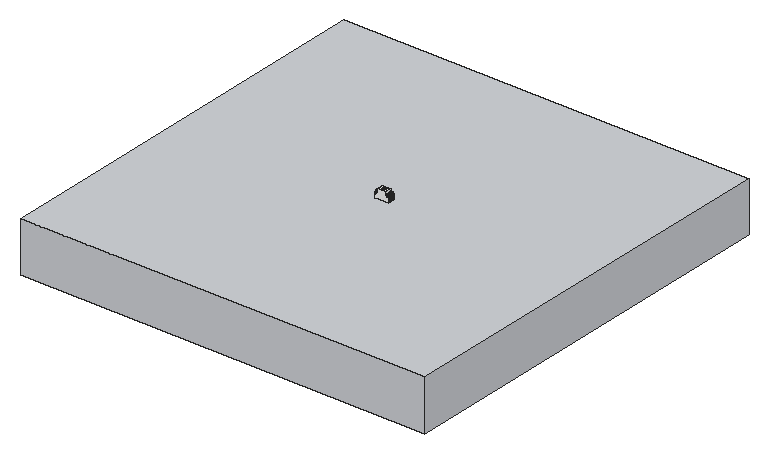
Revit family "Gira_128900", category Elektroinstallationen, Revit 2017
Family settings
  Basisbauteil = Fläche
  Beschriftungsausrichtung beibehalten = Nein
  Bemaßung runder Anschluss = Durchmesser verwenden
  Teiletyp = Normal
  Beim Laden mit Abzugskörper schneiden = Nein
  Gemeinsam genutzt = Nein
  Raumberechnungspunkt = Nein
Parameters
  Default Elevation = 1219.2 mm
  URL = "https://www.gira.de/"
  Typname = "TKS-Schaltaktor REG Türko"
  Produktseite = "http://katalog.gira.de/de_DE/datenblatt.html?artikelnr=128900"
  Installationstechnik = "Bus-System"
  Hersteller = "Gira"
  HAN = "128900"
  GTIN = "4010337289005"
  Funktion = "schalten"
  Datenblatt = "https://katalog.gira.de/de_DE/download.html?artikelnr=128900"
  Beschreibung = "Türkommunikations-Schaltaktor  REG Merkmale: - Schaltaktor zum Schalten von Licht, Ansteuern eines Türöffners an Nebentüren oder anderen Funktionen über den Gira Türkommunikations-Bus. - Ansteuerung eines potenzialfreien Schaltkontakts 230 V   10 A über den 2-Draht-Bus. - Der Schaltaktor ist ansteuerbar über:   die Tasten Tür\" und \"Licht\" an der Wohnungsstation,   die Ruftaste an der Türstation,   die Ruftaste an der Wohnungsstation,   die Tasten eines Telefons (in Verbindung mit TKS-TK-Gateway). - Der Schaltaktor lässt sich in fünf verschiedenen Betriebsarten betreiben: Schalten, Timer s, Timer min, Impuls und Türöffner. - Impulsfunktion zur Ansteuerung vorhandener Treppenhausautomaten. - Binäreingang zum Schalten von Funktionen über einen angeschlossenen mechanischen Taster. - Schaltzeit abhängig von der eingestellten Funktion stufenlos einstellbar von 1 bis 10 s bzw. 1 bis 10 min.  Hinweise : - Der Schaltaktor ist für den Einbau in die Unterverteilung vorgesehen. Ist dies nicht möglich, handelsüblichen Aufputzverteiler verwenden. - Mit dieser Komponente ist der Aufbau von Türkommunikationsanlagen mit mehr als 30 Teilnehmern möglich.\""
  BIM = "https://media.stage.bim.site/public/gira/876eb45/REG%202f.rfa?public/gira/876eb45/REG 2f.rfa"
Reference planes
  plane 1 "Center (Front/Back)": y = 0
  plane 2: z = 0
  plane 3 "Center (Left/Right)": x = 0
Forms (mm)
  Extrusion 1, solid
    sketch origin (0, 0, 0) x (1, 0, 0) y (0, 1, 0)
      loop
        line (-1219.2, 1219.2) -> (-1219.2, -1219.2) -> (1219.2, -1219.2) -> (1219.2, 1219.2) -> (-1219.2, 1219.2)
    from 0 to -304.8
  Extrusion 2, solid, material "White", detail levels fine
    sketch origin (0, 0.085, 0) x (1, 0, 0) y (0, 0, 1)
      loop
        line (40.325, 0) -> (42.075, 1.75) -> (43.075, 1.75) -> (43.005, 15.155) -> (42, 15.736) -> (41.767, 25.973)
        spline (41.767, 25.973) -> (41.756, 26.101) -> (41.729, 26.227) -> (41.685, 26.348) -> (41.626, 26.463) -> (41.553, 26.569) -> (41.467, 26.665) -> (41.369, 26.749) -> (41.261, 26.82) -> (41.145, 26.876) -> (41.023, 26.917) -> (40.896, 26.942) -> (40.768, 26.95)
        line (40.768, 26.95) -> (32.182, 26.95) -> (32.182, 29.944) -> (31.157, 30.536) -> (30.925, 40.773)
        spline (30.925, 40.773) -> (30.913, 40.901) -> (30.886, 41.027) -> (30.842, 41.148) -> (30.783, 41.263) -> (30.71, 41.369) -> (30.624, 41.465) -> (30.526, 41.549) -> (30.418, 41.62) -> (30.302, 41.676) -> (30.18, 41.717) -> (30.053, 41.742) -> (29.925, 41.75)
        line (29.925, 41.75) -> (22.4, 41.75) -> (22.351, 51.105)
        arc (22.351, 51.105) -> (22.056, 51.809) -> (21.351, 52.1) r 1
        line (21.351, 52.1) -> (-21.351, 52.1)
        arc (-21.351, 52.1) -> (-22.056, 51.809) -> (-22.351, 51.105) r 1
        line (-22.351, 51.105) -> (-22.4, 41.75) -> (-29.925, 41.75)
        spline (-29.925, 41.75) -> (-30.053, 41.742) -> (-30.18, 41.717) -> (-30.302, 41.676) -> (-30.418, 41.62) -> (-30.526, 41.549) -> (-30.624, 41.465) -> (-30.71, 41.369) -> (-30.783, 41.263) -> (-30.842, 41.148) -> (-30.886, 41.027) -> (-30.913, 40.901) -> (-30.925, 40.773)
        line (-30.925, 40.773) -> (-31.157, 30.536) -> (-32.182, 29.944) -> (-32.182, 26.95) -> (-40.768, 26.95)
        spline (-40.768, 26.95) -> (-40.896, 26.942) -> (-41.023, 26.917) -> (-41.145, 26.876) -> (-41.261, 26.82) -> (-41.369, 26.749) -> (-41.467, 26.665) -> (-41.553, 26.569) -> (-41.626, 26.463) -> (-41.685, 26.348) -> (-41.729, 26.227) -> (-41.756, 26.101) -> (-41.767, 25.973)
        line (-41.767, 25.973) -> (-42, 15.736) -> (-43.005, 15.155) -> (-43.075, 1.75) -> (-42.075, 1.75) -> (-40.325, 0) -> (40.325, 0)
    from -17.83 to 18
  Extrusion 3, solid, material "White", detail levels fine
    sketch origin (0, 0.085, 0) x (1, 0, 0) y (0, 0, 1)
      loop
        arc (-44.59, 27.35) -> (-44.84, 26.747) -> (-44.925, 26.1) r 2.5
        line (-44.925, 26.1) -> (-44.925, 12.6) -> (-43.028, 10.805) -> (-43.005, 15.155) -> (-42, 15.736) -> (-41.767, 25.973)
        spline (-41.767, 25.973) -> (-41.756, 26.101) -> (-41.729, 26.227) -> (-41.685, 26.348) -> (-41.626, 26.463) -> (-41.553, 26.569) -> (-41.467, 26.665) -> (-41.369, 26.749) -> (-41.261, 26.82) -> (-41.145, 26.876) -> (-41.023, 26.917) -> (-40.896, 26.942) -> (-40.768, 26.95)
        line (-40.768, 26.95) -> (-32.182, 26.95) -> (-32.182, 29.944) -> (-31.157, 30.536) -> (-30.925, 40.773)
        spline (-30.925, 40.773) -> (-30.913, 40.901) -> (-30.886, 41.027) -> (-30.842, 41.148) -> (-30.783, 41.263) -> (-30.71, 41.369) -> (-30.624, 41.465) -> (-30.526, 41.549) -> (-30.418, 41.62) -> (-30.302, 41.676) -> (-30.18, 41.717) -> (-30.053, 41.742) -> (-29.925, 41.75)
        line (-29.925, 41.75) -> (-34.833, 41.75)
        arc (-34.833, 41.75) -> (-36.083, 41.415) -> (-36.998, 40.5) r 2.5
        line (-36.998, 40.5) -> (-44.59, 27.35)
      loop
        line (44.59, 27.35) -> (36.998, 40.5)
        arc (36.998, 40.5) -> (36.083, 41.415) -> (34.833, 41.75) r 2.5
        line (34.833, 41.75) -> (29.925, 41.75)
        spline (29.925, 41.75) -> (30.053, 41.742) -> (30.18, 41.717) -> (30.302, 41.676) -> (30.418, 41.62) -> (30.526, 41.549) -> (30.624, 41.465) -> (30.71, 41.369) -> (30.783, 41.263) -> (30.842, 41.148) -> (30.886, 41.027) -> (30.913, 40.901) -> (30.925, 40.773)
        line (30.925, 40.773) -> (31.157, 30.536) -> (32.182, 29.944) -> (32.182, 26.95) -> (40.768, 26.95)
        spline (40.768, 26.95) -> (40.896, 26.942) -> (41.023, 26.917) -> (41.145, 26.876) -> (41.261, 26.82) -> (41.369, 26.749) -> (41.467, 26.665) -> (41.553, 26.569) -> (41.626, 26.463) -> (41.685, 26.348) -> (41.729, 26.227) -> (41.756, 26.101) -> (41.767, 25.973)
        line (41.767, 25.973) -> (42, 15.736) -> (43.005, 15.155) -> (43.028, 10.805) -> (44.925, 12.6) -> (44.925, 26.1)
        arc (44.925, 26.1) -> (44.84, 26.747) -> (44.59, 27.35) r 2.5
    from 16.446 to 18
  Extrusion 4, solid, material "White", detail levels fine
    sketch origin (0, 8.585, 0) x (1, 0, 0) y (0, 0, 1)
      loop
        arc (-44.59, 27.35) -> (-44.84, 26.747) -> (-44.925, 26.1) r 2.5
        line (-44.925, 26.1) -> (-44.925, 12.6) -> (-43.028, 10.805) -> (-43.005, 15.155) -> (-42, 15.736) -> (-41.767, 25.973)
        spline (-41.767, 25.973) -> (-41.756, 26.101) -> (-41.729, 26.227) -> (-41.685, 26.348) -> (-41.626, 26.463) -> (-41.553, 26.569) -> (-41.467, 26.665) -> (-41.369, 26.749) -> (-41.261, 26.82) -> (-41.145, 26.876) -> (-41.023, 26.917) -> (-40.896, 26.942) -> (-40.768, 26.95)
        line (-40.768, 26.95) -> (-32.182, 26.95) -> (-32.182, 29.944) -> (-31.157, 30.536) -> (-30.925, 40.773)
        spline (-30.925, 40.773) -> (-30.913, 40.901) -> (-30.886, 41.027) -> (-30.842, 41.148) -> (-30.783, 41.263) -> (-30.71, 41.369) -> (-30.624, 41.465) -> (-30.526, 41.549) -> (-30.418, 41.62) -> (-30.302, 41.676) -> (-30.18, 41.717) -> (-30.053, 41.742) -> (-29.925, 41.75)
        line (-29.925, 41.75) -> (-34.833, 41.75)
        arc (-34.833, 41.75) -> (-36.083, 41.415) -> (-36.998, 40.5) r 2.5
        line (-36.998, 40.5) -> (-44.59, 27.35)
      loop
        line (44.59, 27.35) -> (36.998, 40.5)
        arc (36.998, 40.5) -> (36.083, 41.415) -> (34.833, 41.75) r 2.5
        line (34.833, 41.75) -> (29.925, 41.75)
        spline (29.925, 41.75) -> (30.053, 41.742) -> (30.18, 41.717) -> (30.302, 41.676) -> (30.418, 41.62) -> (30.526, 41.549) -> (30.624, 41.465) -> (30.71, 41.369) -> (30.783, 41.263) -> (30.842, 41.148) -> (30.886, 41.027) -> (30.913, 40.901) -> (30.925, 40.773)
        line (30.925, 40.773) -> (31.157, 30.536) -> (32.182, 29.944) -> (32.182, 26.95) -> (40.768, 26.95)
        spline (40.768, 26.95) -> (40.896, 26.942) -> (41.023, 26.917) -> (41.145, 26.876) -> (41.261, 26.82) -> (41.369, 26.749) -> (41.467, 26.665) -> (41.553, 26.569) -> (41.626, 26.463) -> (41.685, 26.348) -> (41.729, 26.227) -> (41.756, 26.101) -> (41.767, 25.973)
        line (41.767, 25.973) -> (42, 15.736) -> (43.005, 15.155) -> (43.028, 10.805) -> (44.925, 12.6) -> (44.925, 26.1)
        arc (44.925, 26.1) -> (44.84, 26.747) -> (44.59, 27.35) r 2.5
    from 16.49 to 17.724
  Extrusion 5, solid, material "White", detail levels fine
    sketch origin (0, 17.107, 0) x (1, 0, 0) y (0, 0, 1)
      loop
        arc (-44.59, 27.35) -> (-44.84, 26.747) -> (-44.925, 26.1) r 2.5
        line (-44.925, 26.1) -> (-44.925, 12.6) -> (-43.028, 10.805) -> (-43.005, 15.155) -> (-42, 15.736) -> (-41.767, 25.973)
        spline (-41.767, 25.973) -> (-41.756, 26.101) -> (-41.729, 26.227) -> (-41.685, 26.348) -> (-41.626, 26.463) -> (-41.553, 26.569) -> (-41.467, 26.665) -> (-41.369, 26.749) -> (-41.261, 26.82) -> (-41.145, 26.876) -> (-41.023, 26.917) -> (-40.896, 26.942) -> (-40.768, 26.95)
        line (-40.768, 26.95) -> (-32.182, 26.95) -> (-32.182, 29.944) -> (-31.157, 30.536) -> (-30.925, 40.773)
        spline (-30.925, 40.773) -> (-30.913, 40.901) -> (-30.886, 41.027) -> (-30.842, 41.148) -> (-30.783, 41.263) -> (-30.71, 41.369) -> (-30.624, 41.465) -> (-30.526, 41.549) -> (-30.418, 41.62) -> (-30.302, 41.676) -> (-30.18, 41.717) -> (-30.053, 41.742) -> (-29.925, 41.75)
        line (-29.925, 41.75) -> (-34.833, 41.75)
        arc (-34.833, 41.75) -> (-36.083, 41.415) -> (-36.998, 40.5) r 2.5
        line (-36.998, 40.5) -> (-44.59, 27.35)
      loop
        line (44.59, 27.35) -> (36.998, 40.5)
        arc (36.998, 40.5) -> (36.083, 41.415) -> (34.833, 41.75) r 2.5
        line (34.833, 41.75) -> (29.925, 41.75)
        spline (29.925, 41.75) -> (30.053, 41.742) -> (30.18, 41.717) -> (30.302, 41.676) -> (30.418, 41.62) -> (30.526, 41.549) -> (30.624, 41.465) -> (30.71, 41.369) -> (30.783, 41.263) -> (30.842, 41.148) -> (30.886, 41.027) -> (30.913, 40.901) -> (30.925, 40.773)
        line (30.925, 40.773) -> (31.157, 30.536) -> (32.182, 29.944) -> (32.182, 26.95) -> (40.768, 26.95)
        spline (40.768, 26.95) -> (40.896, 26.942) -> (41.023, 26.917) -> (41.145, 26.876) -> (41.261, 26.82) -> (41.369, 26.749) -> (41.467, 26.665) -> (41.553, 26.569) -> (41.626, 26.463) -> (41.685, 26.348) -> (41.729, 26.227) -> (41.756, 26.101) -> (41.767, 25.973)
        line (41.767, 25.973) -> (42, 15.736) -> (43.005, 15.155) -> (43.028, 10.805) -> (44.925, 12.6) -> (44.925, 26.1)
        arc (44.925, 26.1) -> (44.84, 26.747) -> (44.59, 27.35) r 2.5
    from 16.49 to 17.724
  Extrusion 6, solid, material "White", detail levels fine
    sketch origin (0, 25.607, 0) x (1, 0, 0) y (0, 0, 1)
      loop
        arc (-44.59, 27.35) -> (-44.84, 26.747) -> (-44.925, 26.1) r 2.5
        line (-44.925, 26.1) -> (-44.925, 12.6) -> (-43.028, 10.805) -> (-43.005, 15.155) -> (-42, 15.736) -> (-41.767, 25.973)
        spline (-41.767, 25.973) -> (-41.756, 26.101) -> (-41.729, 26.227) -> (-41.685, 26.348) -> (-41.626, 26.463) -> (-41.553, 26.569) -> (-41.467, 26.665) -> (-41.369, 26.749) -> (-41.261, 26.82) -> (-41.145, 26.876) -> (-41.023, 26.917) -> (-40.896, 26.942) -> (-40.768, 26.95)
        line (-40.768, 26.95) -> (-32.182, 26.95) -> (-32.182, 29.944) -> (-31.157, 30.536) -> (-30.925, 40.773)
        spline (-30.925, 40.773) -> (-30.913, 40.901) -> (-30.886, 41.027) -> (-30.842, 41.148) -> (-30.783, 41.263) -> (-30.71, 41.369) -> (-30.624, 41.465) -> (-30.526, 41.549) -> (-30.418, 41.62) -> (-30.302, 41.676) -> (-30.18, 41.717) -> (-30.053, 41.742) -> (-29.925, 41.75)
        line (-29.925, 41.75) -> (-34.833, 41.75)
        arc (-34.833, 41.75) -> (-36.083, 41.415) -> (-36.998, 40.5) r 2.5
        line (-36.998, 40.5) -> (-44.59, 27.35)
      loop
        line (44.59, 27.35) -> (36.998, 40.5)
        arc (36.998, 40.5) -> (36.083, 41.415) -> (34.833, 41.75) r 2.5
        line (34.833, 41.75) -> (29.925, 41.75)
        spline (29.925, 41.75) -> (30.053, 41.742) -> (30.18, 41.717) -> (30.302, 41.676) -> (30.418, 41.62) -> (30.526, 41.549) -> (30.624, 41.465) -> (30.71, 41.369) -> (30.783, 41.263) -> (30.842, 41.148) -> (30.886, 41.027) -> (30.913, 40.901) -> (30.925, 40.773)
        line (30.925, 40.773) -> (31.157, 30.536) -> (32.182, 29.944) -> (32.182, 26.95) -> (40.768, 26.95)
        spline (40.768, 26.95) -> (40.896, 26.942) -> (41.023, 26.917) -> (41.145, 26.876) -> (41.261, 26.82) -> (41.369, 26.749) -> (41.467, 26.665) -> (41.553, 26.569) -> (41.626, 26.463) -> (41.685, 26.348) -> (41.729, 26.227) -> (41.756, 26.101) -> (41.767, 25.973)
        line (41.767, 25.973) -> (42, 15.736) -> (43.005, 15.155) -> (43.028, 10.805) -> (44.925, 12.6) -> (44.925, 26.1)
        arc (44.925, 26.1) -> (44.84, 26.747) -> (44.59, 27.35) r 2.5
    from 16.49 to 17.724
  Extrusion 7, solid, material "White", detail levels fine
    sketch origin (0, 34.11, 0) x (1, 0, 0) y (0, 0, 1)
      loop
        arc (-44.59, 27.35) -> (-44.84, 26.747) -> (-44.925, 26.1) r 2.5
        line (-44.925, 26.1) -> (-44.925, 12.6) -> (-43.028, 10.805) -> (-43.005, 15.155) -> (-42, 15.736) -> (-41.767, 25.973)
        spline (-41.767, 25.973) -> (-41.756, 26.101) -> (-41.729, 26.227) -> (-41.685, 26.348) -> (-41.626, 26.463) -> (-41.553, 26.569) -> (-41.467, 26.665) -> (-41.369, 26.749) -> (-41.261, 26.82) -> (-41.145, 26.876) -> (-41.023, 26.917) -> (-40.896, 26.942) -> (-40.768, 26.95)
        line (-40.768, 26.95) -> (-32.182, 26.95) -> (-32.182, 29.944) -> (-31.157, 30.536) -> (-30.925, 40.773)
        spline (-30.925, 40.773) -> (-30.913, 40.901) -> (-30.886, 41.027) -> (-30.842, 41.148) -> (-30.783, 41.263) -> (-30.71, 41.369) -> (-30.624, 41.465) -> (-30.526, 41.549) -> (-30.418, 41.62) -> (-30.302, 41.676) -> (-30.18, 41.717) -> (-30.053, 41.742) -> (-29.925, 41.75)
        line (-29.925, 41.75) -> (-34.833, 41.75)
        arc (-34.833, 41.75) -> (-36.083, 41.415) -> (-36.998, 40.5) r 2.5
        line (-36.998, 40.5) -> (-44.59, 27.35)
      loop
        line (44.59, 27.35) -> (36.998, 40.5)
        arc (36.998, 40.5) -> (36.083, 41.415) -> (34.833, 41.75) r 2.5
        line (34.833, 41.75) -> (29.925, 41.75)
        spline (29.925, 41.75) -> (30.053, 41.742) -> (30.18, 41.717) -> (30.302, 41.676) -> (30.418, 41.62) -> (30.526, 41.549) -> (30.624, 41.465) -> (30.71, 41.369) -> (30.783, 41.263) -> (30.842, 41.148) -> (30.886, 41.027) -> (30.913, 40.901) -> (30.925, 40.773)
        line (30.925, 40.773) -> (31.157, 30.536) -> (32.182, 29.944) -> (32.182, 26.95) -> (40.768, 26.95)
        spline (40.768, 26.95) -> (40.896, 26.942) -> (41.023, 26.917) -> (41.145, 26.876) -> (41.261, 26.82) -> (41.369, 26.749) -> (41.467, 26.665) -> (41.553, 26.569) -> (41.626, 26.463) -> (41.685, 26.348) -> (41.729, 26.227) -> (41.756, 26.101) -> (41.767, 25.973)
        line (41.767, 25.973) -> (42, 15.736) -> (43.005, 15.155) -> (43.028, 10.805) -> (44.925, 12.6) -> (44.925, 26.1)
        arc (44.925, 26.1) -> (44.84, 26.747) -> (44.59, 27.35) r 2.5
    from 16.195 to 17.748
  Extrusion 8, void, detail levels fine
    sketch origin (0, 0.085, 0) x (1, 0, 0) y (0, 1, 0)
      loop
        circle (-35.274, 12.665) r 3.05
    from 24.323 to 26.95
  Extrusion 9, void, detail levels fine
    sketch origin (0, -8.415, 0) x (1, 0, 0) y (0, 1, 0)
      loop
        circle (-35.274, 12.665) r 3.05
    from 24.323 to 26.95
  Extrusion 10, void, detail levels fine
    sketch origin (0, -16.915, 0) x (1, 0, 0) y (0, 1, 0)
      loop
        circle (-35.274, 12.665) r 3.05
    from 24.323 to 26.95
  Extrusion 11, void, detail levels fine
    sketch origin (0, -25.415, 0) x (1, 0, 0) y (0, 1, 0)
      loop
        circle (-35.274, 12.665) r 3.05
    from 24.323 to 26.95
  Extrusion 12, void, detail levels fine
    sketch origin (0, 0.085, 0) x (1, 0, 0) y (0, 1, 0)
      loop
        circle (-25.624, 12.665) r 3.05
    from 37.243 to 41.75
  Extrusion 13, void, detail levels fine
    sketch origin (0, -8.415, 0) x (1, 0, 0) y (0, 1, 0)
      loop
        circle (-25.624, 12.665) r 3.05
    from 37.243 to 41.75
  Extrusion 14, void, detail levels fine
    sketch origin (0, -16.915, 0) x (1, 0, 0) y (0, 1, 0)
      loop
        circle (-25.624, 12.665) r 3.05
    from 37.243 to 41.75
  Extrusion 15, void, detail levels fine
    sketch origin (0, -25.415, 0) x (1, 0, 0) y (0, 1, 0)
      loop
        circle (-25.624, 12.665) r 3.05
    from 37.243 to 41.75
  Extrusion 16, void, detail levels fine
    sketch origin (0, 0.085, 0) x (1, 0, 0) y (0, 1, 0)
      loop
        circle (-10.024, 5.915) r 1.275
      loop
        circle (-5.024, 5.915) r 1.275
      loop
        circle (-0.024, 5.915) r 1.275
      loop
        circle (4.976, 5.915) r 1.275
      loop
        circle (9.976, 5.915) r 1.275
      loop
        circle (-10.024, -6.585) r 1.75
      loop
        circle (-2.024, -6.585) r 1.75
      loop
        circle (-2.024, -12.585) r 1.275
      loop
        circle (7.976, -6.585) r 1.75
    from 44.278 to 52.1
  Extrusion 17, void
    sketch origin (0, 0, 0) x (0, 1, 0) y (0, 0, 1)
      loop
        line (1.5, 7.47) -> (1.5, 4.67) -> (4.5, 4.67) -> (4.5, 7.47) -> (1.5, 7.47)
      loop
        line (-4.5, 7.47) -> (-4.5, 4.67) -> (-1.5, 4.67) -> (-1.5, 7.47) -> (-4.5, 7.47)
    from -47.729 to 48.928
  Extrusion 18, void, detail levels fine
    sketch origin (0, 0, 0) x (0, 1, 0) y (0, 0, 1)
      loop
        line (16.361, 15.736) -> (16.361, 19.75) -> (9.117, 19.75) -> (9.117, 15.736) -> (16.361, 15.736)
      loop
        line (7.883, 19.75) -> (0.617, 19.75) -> (0.617, 15.736) -> (7.883, 15.736) -> (7.883, 19.75)
      loop
        line (-7.905, 19.75) -> (-7.905, 15.736) -> (-0.617, 15.736) -> (-0.617, 19.75) -> (-7.905, 19.75)
      loop
        line (-16.361, 19.75) -> (-16.361, 15.736) -> (-9.139, 15.736) -> (-9.139, 19.75) -> (-16.361, 19.75)
    from -42.725 to 42.663
  Extrusion 19, void, detail levels fine
    sketch origin (0, 0, 0) x (0, 1, 0) y (0, 0, 1)
      loop
        line (16.361, 30.536) -> (16.361, 34.55) -> (9.117, 34.55) -> (9.117, 30.536) -> (16.361, 30.536)
      loop
        line (7.883, 34.55) -> (0.617, 34.55) -> (0.617, 30.536) -> (7.883, 30.536) -> (7.883, 34.55)
      loop
        line (-7.905, 34.55) -> (-7.905, 30.536) -> (-0.617, 30.536) -> (-0.617, 34.55) -> (-7.905, 34.55)
      loop
        line (-16.361, 34.55) -> (-16.361, 30.536) -> (-9.139, 30.536) -> (-9.139, 34.55) -> (-16.361, 34.55)
    from -33.613 to 32.182
  Extrusion 20, void, detail levels fine
    sketch origin (0, 0.085, 0) x (-1, 0, 0) y (0, -1, 0)
      loop
        circle (-35.274, -12.665) r 3.05
    from 24.323 to 26.95
  Extrusion 21, void, detail levels fine
    sketch origin (0, -8.415, 0) x (-1, 0, 0) y (0, -1, 0)
      loop
        circle (-35.274, -12.665) r 3.05
    from 24.323 to 26.95
  Extrusion 22, void, detail levels fine
    sketch origin (0, -16.915, 0) x (-1, 0, 0) y (0, -1, 0)
      loop
        circle (-35.274, -12.665) r 3.05
    from 24.323 to 26.95
  Extrusion 23, void, detail levels fine
    sketch origin (0, -25.415, 0) x (-1, 0, 0) y (0, -1, 0)
      loop
        circle (-35.274, -12.665) r 3.05
    from 24.323 to 26.95
  Extrusion 24, void, detail levels fine
    sketch origin (0, 0.085, 0) x (-1, 0, 0) y (0, -1, 0)
      loop
        circle (-25.624, -12.665) r 3.05
    from 37.243 to 41.75
  Extrusion 25, void, detail levels fine
    sketch origin (0, -8.415, 0) x (-1, 0, 0) y (0, -1, 0)
      loop
        circle (-25.624, -12.665) r 3.05
    from 37.243 to 41.75
  Extrusion 26, void, detail levels fine
    sketch origin (0, -16.915, 0) x (-1, 0, 0) y (0, -1, 0)
      loop
        circle (-25.624, -12.665) r 3.05
    from 37.243 to 41.75
  Extrusion 27, void, detail levels fine
    sketch origin (0, -25.415, 0) x (-1, 0, 0) y (0, -1, 0)
      loop
        circle (-25.624, -12.665) r 3.05
    from 37.243 to 41.75
  Extrusion 28, solid, material "White", detail levels medium
    sketch origin (0, 0, 0) x (1, 0, 0) y (0, 0, 1)
      loop
        line (-36.998, 40.5) -> (-44.59, 27.35)
        arc (-44.59, 27.35) -> (-44.84, 26.747) -> (-44.925, 26.1) r 2.5
        line (-44.925, 26.1) -> (-44.925, 12.6) -> (-43.028, 10.805) -> (-43.075, 1.75) -> (-42.075, 1.75) -> (-40.325, 0) -> (40.325, 0) -> (42.075, 1.75) -> (43.075, 1.75) -> (43.028, 10.805) -> (44.925, 12.6) -> (44.925, 26.1)
        arc (44.925, 26.1) -> (44.84, 26.747) -> (44.59, 27.35) r 2.5
        line (44.59, 27.35) -> (36.998, 40.5)
        arc (36.998, 40.5) -> (36.083, 41.415) -> (34.833, 41.75) r 2.5
        line (34.833, 41.75) -> (22.4, 41.75) -> (22.351, 51.105)
        arc (22.351, 51.105) -> (22.056, 51.809) -> (21.351, 52.1) r 1
        line (21.351, 52.1) -> (-21.351, 52.1)
        arc (-21.351, 52.1) -> (-22.056, 51.809) -> (-22.351, 51.105) r 1
        line (-22.351, 51.105) -> (-22.4, 41.75) -> (-34.833, 41.75)
        arc (-34.833, 41.75) -> (-36.083, 41.415) -> (-36.998, 40.5) r 2.5
    from -17.915 to 17.915
  Extrusion 29, solid, material "White", detail levels coarse
    sketch origin (0, 0, 0) x (1, 0, 0) y (0, 0, 1)
      loop
        line (-44.925, 52.1) -> (-44.925, 0) -> (44.925, 0) -> (44.925, 52.1) -> (-44.925, 52.1)
    from -17.915 to 17.915
Cuts and joins
  Extrusion 8, Extrusion 9, Extrusion 10, Extrusion 11, Extrusion 12, Extrusion 13, Extrusion 14, Extrusion 15, Extrusion 16, Extrusion 17, Extrusion 18, Extrusion 19, Extrusion 20, Extrusion 21, Extrusion 22, Extrusion 23, Extrusion 24, Extrusion 25, Extrusion 26, Extrusion 27 cuts Extrusion 2
  Extrusion 18, Extrusion 19 cuts Extrusion 3
  Extrusion 18, Extrusion 19 cuts Extrusion 4
  Extrusion 18, Extrusion 19 cuts Extrusion 5
  Extrusion 18, Extrusion 19 cuts Extrusion 6
  Extrusion 18, Extrusion 19 cuts Extrusion 7
Dimensions and locks
  aligned and locked: plane 2 to Extrusion 1
  aligned and locked: level to Extrusion 1
